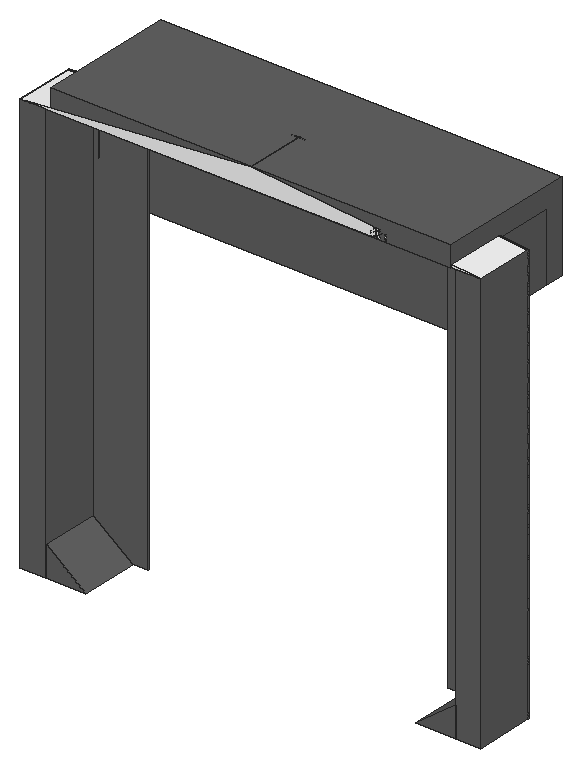
Revit family "Seals-Shelters_Serco_BDS-S-Blackout", category Generic Models, host Wall, Revit 2026
Family settings
  Host = Wall
  Can host rebar = No
  Round Connector Dimension = Use Diameter
  Part Type = Normal
  Always vertical = Yes
  Cut with Voids When Loaded = No
  Maintain Annotation Orientation = No
  Shared = No
  Room Calculation Point = No
Parameters (values of type "11'-6" x 11', Standard Projection")
  Width = 11' - 6"
  URL = "https://www.entrematic.us/en/ent/entrematicus/"
  Height = 11' - 0"
  Projection = 1' - 6"
  Opening = 7' - 6"
  Model = "S-2200 Ultra Dock (FSR-1000 Foamside)"
  Manufacturer = "Entrematic"
  DryDockWidth = 10' - 0"
  DropCurtain = 3' - 0"
  Description = "Foamside Dock Shelter"
  Default Elevation = 0' - 0"
  CurtainW = Width - 1' 0"  # 10' - 6"
Types (5): name | Width | Height | Projection | CurtainW
  (no name) | 11' - 6" | 11' - 0" | 1' - 6" | 10' - 6"
  11'-6" x 11', Standard Projection | 11' - 6" | 11' - 0" | 1' - 6" | 10' - 6"
  11'-6" x 11', Swing-In Projection | 11' - 6" | 11' - 0" | 2' - 4" | 10' - 6"
  12'-6" x 12-2', Swing-In Projection | 12' - 2" | 12' - 6" | 2' - 4" | 11' - 2"
  12'-6" x 12-2', Standard Projection | 12' - 2" | 12' - 6" | 1' - 6" | 11' - 2"
Reference planes (in)
  plane 1: y = 0
  plane 2 "Center (Left/Right)": x = 0
  plane 3 "Wall Edge": y = 3
  plane 4: x = -45
  plane 5: x = -69
  plane 6: x = 45
  plane 7: x = 69
  plane 8: z = 132
  plane 9: z = 126
  plane 10: y = 21
  plane 11: y = 3
  plane 12: y = 21.03125
  plane 13: z = 7.5
  plane 14: z = 16
  plane 15: x = 48
  plane 16: x = 51
  plane 17: x = -51
  plane 18: x = -48
  plane 19: z = 96
  plane 20: y = 20.75
  plane 21: x = 61.5
  plane 22: x = -61.5
  plane 23: z = 9
  plane 24: x = -49.5
  plane 25: z = 9
  plane 26: x = 49.5
  plane 27: x = -63
  plane 28: x = 63
  plane 29: y = 21.25
  plane 30: y = 39
  plane 31: y = 44.5
  plane 32: z = 105.5
  plane 33: x = 60
  plane 34: x = -60
  plane 35: x = -59.75
  plane 36: x = 59.75
Forms (in)
  Extrusion 1, solid, material "Guide Stripe"
    sketch origin (0, 3, 0) x (1, 0, 0) y (0, 0, 1)
      loop
        line (51, 7.5) -> (51, 16) -> (48, 16) -> (48, 7.5) -> (51, 7.5)
      loop
        line (-51, 7.5) -> (-48, 7.5) -> (-48, 16) -> (-51, 16) -> (-51, 7.5)
    from -18.03125 to -18
  Extrusion 2, solid, material "Black Vinyl"
    sketch origin (0, 3, 0) x (1, 0, 0) y (0, 0, 1)
      loop
        line (69, 126) -> (61.5, 126) -> (61.5, 0) -> (69, 0) -> (69, 126)
      loop
        line (-61.5, 126) -> (-69, 126) -> (-69, 0) -> (-61.5, 0) -> (-61.5, 126)
    from -17.75 to 0
  Extrusion 3, solid, material "Black Vinyl"
    sketch origin (0, 3, 0) x (1, 0, 0) y (0, 0, 1)
      loop
        line (69, 0) -> (69, 126) -> (0, 132) -> (-69, 126) -> (-69, 0) -> (-45, 0) -> (-45, 126) -> (45, 126) -> (45, 0) -> (69, 0)
    from -18 to -17.75
  Extrusion 4, solid, material "White Vinyl"
    sketch origin (0, 3, 0) x (1, 0, 0) y (0, 0, 1)
      loop
        line (69, 126) -> (0, 132) -> (-69, 126) -> (69, 126)
    from -17.75 to 0
  Extrusion 5, solid, material "Black Vinyl"
    sketch origin (0, 3, 0) x (1, 0, 0) y (0, 0, 1)
      loop
        line (-61.5, 9) -> (-61.5, 0) -> (-49.5, 0) -> (-61.5, 9)
      loop
        line (61.5, 9) -> (49.5, 0) -> (61.5, 0) -> (61.5, 9)
    from -17.75 to 0
  Extrusion 6, solid, material "Black Vinyl"
    sketch origin (0, 3, 0) x (1, 0, 0) y (0, 0, 1)
      loop
        line (63, 126.52174) -> (0, 132) -> (-63, 126.52174) -> (-63, 96) -> (63, 96) -> (63, 126.52174)
    from -18 to -18.25
  Extrusion 7, solid, material "Black Vinyl"
    sketch origin (0, 0, 0) x (0, 1, 0) y (0, 0, 1)
      loop
        line (3, 132) -> (3, 126) -> (39, 126) -> (39, 105.5) -> (44.5, 105.5) -> (44.5, 132) -> (3, 132)
    from -60 to 60
  Extrusion 8, solid, material "Black Vinyl"
    sketch origin (0, 0, 0) x (1, 0, 0) y (0, 1, 0)
      loop
        line (-59.75, 39) -> (-60, 39) -> (-60, 21) -> (-59.75, 21) -> (-59.75, 39)
      loop
        line (60, 39) -> (59.75, 39) -> (59.75, 21) -> (60, 21) -> (60, 39)
    from 105.5 to 126
Text (in)
  text "Placement Side" at (0, 55.39589, 123.01588), in view "Right"
  text "Placement Side" at (-70.3804, 74.20961, 0), in view "Ref. Level"
  text "Placement Side" at (0, 81.62555, 140.59947), in view "Left"
Dimensions and locks (in)
  locked: plane 3 "Wall Edge" to host wall
  equal spacing: plane 6, plane 2 "Center (Left/Right)", plane 4
  equal spacing: plane 7, plane 2 "Center (Left/Right)", plane 5
  "Projection": plane 10 to plane 11
  plane 12 to plane 10 = 0' - 0 1/32"
  level to Extrusion 1 = 1' - 4"
  plane 16 to plane 15 to plane 6 = 0' - 3" locked, 0' - 3" locked
  plane 17 to plane 18 to plane 4 = 0' - 3" locked, 0' - 3" locked
  locked: plane 13 to plane 14 at 8.5
  locked: level to plane 13 at 7.5
  "Width": plane 7 to plane 5
  "Opening": plane 6 to plane 4
  "Height": level to plane 8
  locked: plane 9 to plane 8 at 6
  "DropCurtain": plane 19 to plane 8
  locked: plane 20 to plane 10 at 0.25
  locked: plane 21 to plane 7 at 7.5
  locked: plane 5 to plane 22 at 7.5
  locked: plane 23 to level at 9
  locked: plane 25 to level at 9
  locked: plane 24 to plane 22 at 12
  locked: plane 21 to plane 26 at 12
  equal spacing: plane 27, plane 2 "Center (Left/Right)", plane 28
  "CurtainW": plane 27 to plane 28
  locked: plane 29 to plane 10 at 0.25
  locked: plane 10 to plane 30 at 18
  locked: plane 30 to plane 31 at 5.5
  locked: plane 8 to plane 32 at 26.5
  equal spacing: plane 34, plane 2 "Center (Left/Right)", plane 33
  "DryDockWidth": plane 34 to plane 33
  locked: plane 34 to plane 35 at 0.25
  locked: plane 36 to plane 33 at 0.25
  aligned and locked: plane 11 to host wall
  aligned and locked: Extrusion 1 to plane 10
  aligned and locked: plane 12 to Extrusion 1
  aligned and locked: plane 15 to Extrusion 1 sketch curve
  aligned and locked: Extrusion 1 sketch curve to plane 16
  aligned and locked: Extrusion 1 sketch curve to plane 13
  aligned and locked: Extrusion 1 sketch curve to plane 14
  aligned and locked: plane 13 to Extrusion 1 sketch curve
  aligned and locked: Extrusion 1 sketch curve to plane 17
  aligned and locked: plane 18 to Extrusion 1 sketch curve
  aligned and locked: plane 14 to Extrusion 1 sketch curve
  aligned and locked: plane 9 to Extrusion 2 sketch curve
  aligned and locked: plane 22 to Extrusion 2 sketch curve
  aligned and locked: Extrusion 2 sketch curve to level
  aligned and locked: Extrusion 2 sketch curve to plane 5
  aligned and locked: Extrusion 2 sketch curve to plane 7
  aligned and locked: plane 21 to Extrusion 2 sketch curve
  aligned and locked: Extrusion 2 sketch curve to plane 9
  aligned and locked: level to Extrusion 2 sketch curve
  aligned and locked: Extrusion 2 to plane 20
  aligned and locked: Extrusion 2 to plane 11
  aligned and locked: Extrusion 3 sketch curve to level  (x2)
  aligned and locked: Extrusion 3 sketch curve to plane 5
  aligned and locked: plane 7 to Extrusion 3 sketch curve
  aligned and locked: Extrusion 3 sketch curve to plane 6
  aligned and locked: plane 4 to Extrusion 3 sketch curve
  aligned and locked: plane 10 to Extrusion 3
  aligned and locked: Extrusion 3 to plane 20
  aligned and locked: plane 8 to Extrusion 4 sketch curve
  aligned and locked: plane 5 to Extrusion 4 sketch curve
  aligned and locked: plane 7 to Extrusion 4 sketch curve
  aligned and locked: Extrusion 4 sketch curve to plane 9
  aligned and locked: Extrusion 3 to Extrusion 4  (x2)
  aligned and locked: plane 20 to Extrusion 4
  aligned and locked: Extrusion 4 to plane 3 "Wall Edge"
  aligned and locked: Extrusion 5 sketch curve to plane 22
  aligned and locked: Extrusion 5 sketch curve to level
  aligned and locked: plane 24 to Extrusion 5 sketch curve
  aligned and locked: level to Extrusion 5 sketch curve
  aligned and locked: Extrusion 5 sketch curve to plane 21
  aligned and locked: plane 25 to Extrusion 5 sketch curve
  aligned and locked: plane 26 to Extrusion 5 sketch curve
  aligned and locked: plane 3 "Wall Edge" to Extrusion 5
  aligned and locked: plane 20 to Extrusion 5
  aligned and locked: plane 9 to Extrusion 3 sketch curve
  aligned and locked: Extrusion 6 sketch curve to Extrusion 3
  aligned and locked: Extrusion 3 to Extrusion 6 sketch curve
  aligned and locked: plane 27 to Extrusion 6 sketch curve
  aligned and locked: Extrusion 6 sketch curve to plane 28
  aligned and locked: Extrusion 6 sketch curve to plane 19
  aligned and locked: Extrusion 6 to plane 10
  aligned and locked: Extrusion 6 to plane 29
  aligned and locked: Extrusion 7 sketch curve to plane 8
  aligned and locked: plane 9 to Extrusion 7 sketch curve
  aligned and locked: plane 3 "Wall Edge" to Extrusion 7 sketch curve
  aligned and locked: plane 32 to Extrusion 7 sketch curve
  aligned and locked: Extrusion 7 sketch curve to plane 31
  aligned and locked: plane 30 to Extrusion 7 sketch curve
  aligned and locked: Extrusion 7 to plane 33
  aligned and locked: plane 34 to Extrusion 7
  aligned and locked: plane 35 to Extrusion 8 sketch curve
  aligned and locked: Extrusion 8 sketch curve to plane 10  (x2)
  aligned and locked: Extrusion 7 to Extrusion 8 sketch curve  (x2)
  aligned and locked: Extrusion 8 sketch curve to plane 36
  aligned and locked: Extrusion 8 to plane 32
  aligned and locked: Extrusion 7 to plane 30
  aligned and locked: plane 30 to Extrusion 8 sketch curve  (x2)
  aligned and locked: plane 9 to Extrusion 8
Automatic sketch dimensions
  Extrusion 4 sketch curve to plane 2 "Center (Left/Right)" = 0' - 0"
  Extrusion 5 sketch curve to plane 23 = 0' - 0"
  Extrusion 3 sketch curve to plane 2 "Center (Left/Right)" = 0' - 0"
  Extrusion 3 sketch curve to plane 9 = 0' - 0"  (x2)
  Extrusion 3 sketch curve to plane 8 = 0' - 0"
